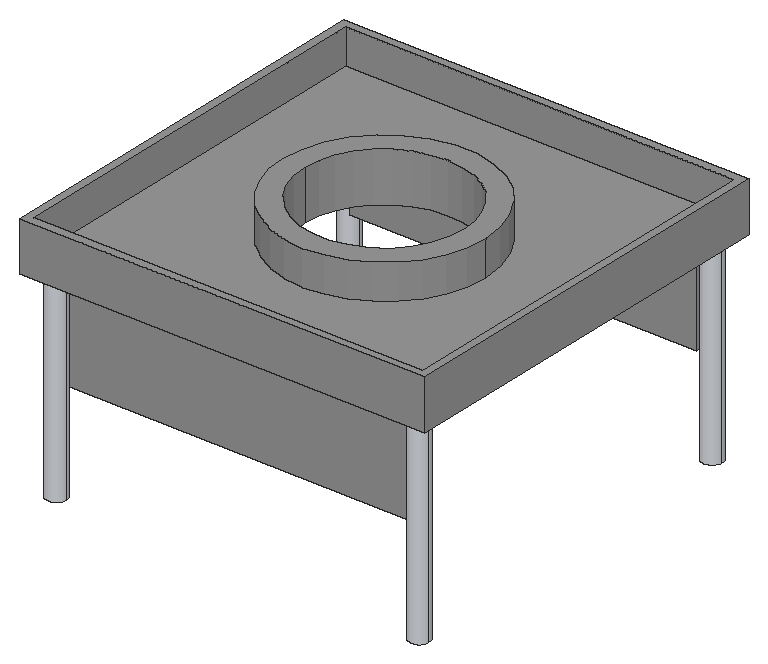
Revit family "Nivellierbare Schwerlastkassette für Tubus, RKFNSL, 21, 9", category Generic Models, Revit 2015
Parameters (values of type "RKFN2 9 VMSL1N21")
  Width = 243 mm
  URL = "http://www.obo-bettermann.com"
  Material = Stainless Steel, Polished
  Manufacturer Art.No. = "7409390"
  Manufacturer = "OBO Bettermann"
  Length = 243 mm
  HeightCalc = if(Height < 105 mm, 105 mm, (if(Height > 155 mm, 155 mm, Height)))  # 150 mm
  Height 1 = 30 mm
  Height = 150 mm
  GTIN = "4012195869221"
  Cut depth = 21 mm
  Article Type = "RKFN2 9 VMSL1N21"
Reference planes
  plane 1 "Center (Front/Back)": y = 0
  plane 2: z = 0
  plane 3 "Center (Left/Right)": x = 0
  plane 4: y = 121.5
  plane 5: y = -121.5
  plane 6: z = 150
  plane 7: z = 59
  plane 8: z = 129
  plane 9: z = 120
Forms (mm)
  Extrusion 1, solid
    sketch origin (0, 0, 0) x (1, 0, 0) y (0, 1, 0)
      loop
        circle (-109, -110) r 6
      loop
        circle (-109, 110) r 6
      loop
        circle (109, 110) r 6
      loop
        circle (109, -110) r 6
    from 0 to 120
  Extrusion 2, solid, material "Stainless Steel, Polished" <- "Material"
    sketch origin (0, 0, 0) x (1, 0, 0) y (0, 0, 1)
      loop
        line (-121.5, 150) -> (-121.5, 120) -> (121.5, 120) -> (121.5, 150) -> (-121.5, 150)
    from -121.5 to 121.5
  Extrusion 3, solid, material "Stainless Steel, Polished" <- "Material"
    sketch origin (0, 0, 0) x (1, 0, 0) y (0, 1, 0)
      loop
        line (-104.2, -104.3) -> (-104.2, -106.3) -> (104.2, -106.3) -> (104.2, -104.3) -> (-104.2, -104.3)
      loop
        line (-104.2, 106.3) -> (-104.2, 104.3) -> (104.2, 104.3) -> (104.2, 106.3) -> (-104.2, 106.3)
    from 59 to 120
  Extrusion 4, void
    sketch origin (0, 0, 0) x (1, 0, 0) y (0, 1, 0)
      loop
        line (-117.05, 117.05) -> (-117.05, -117.05) -> (117.05, -117.05) -> (117.05, 117.05) -> (-117.05, 117.05)
      loop
        circle (0, 0) r 61
    from 129 to 150
  Extrusion 5, void
    sketch origin (0, 0, 0) x (1, 0, 0) y (0, 1, 0)
      loop
        circle (0, 0) r 47.77
    from 120 to 150
Cuts and joins
  Extrusion 4 cuts Extrusion 1
  Extrusion 4, Extrusion 5 cuts Extrusion 2
  Extrusion 4 cuts Extrusion 3
Dimensions and locks
  "Width": Extrusion 2 sketch curve to Extrusion 2 sketch curve
  "HeightCalc": plane 6 to level
  locked: Extrusion 3 sketch curve to Extrusion 3 sketch curve at 208.4  (x2)
  locked: Extrusion 3 sketch curve to Extrusion 2 at 15.2
  locked: Extrusion 3 sketch curve to Extrusion 3 sketch curve at 2  (x2)
  "Cut depth": plane 6 to plane 8
  "Length": plane 4 to plane 5
  locked: plane 3 "Center (Left/Right)" to Extrusion 2 sketch curve at 121.5
  locked: plane 4 to plane 1 "Center (Front/Back)" at 121.5
  locked: Extrusion 1 sketch curve to plane 1 "Center (Front/Back)" at 110  (x2)
  locked: plane 3 "Center (Left/Right)" to Extrusion 1 sketch curve at 109  (x2)
  locked: Extrusion 1 sketch curve to plane 3 "Center (Left/Right)" at 109  (x2)
  locked: plane 1 "Center (Front/Back)" to Extrusion 1 sketch curve at 110  (x2)
  "Height 1": plane 6 to plane 9
  locked: Extrusion 3 sketch curve to plane 3 "Center (Left/Right)" at 104.2  (x2)
  locked: cut or joined group of Extrusion 2, Extrusion 4, Extrusion 5 to Extrusion 3 sketch curve at 15.2
  locked: plane 9 to plane 7 at 61
  locked: Extrusion 4 sketch curve to Extrusion 4 sketch curve at 234.1  (x2)
  equal spacing: Extrusion 4 sketch curve, plane 3 "Center (Left/Right)", Extrusion 4 sketch curve, locked at 117.05 each
  equal spacing: Extrusion 4 sketch curve, plane 1 "Center (Front/Back)", Extrusion 4 sketch curve, locked at 117.05 each
  diameter of Extrusion 1 sketch curve = 12 mm  (x4)
  diameter of Extrusion 5 sketch curve = 95.54 mm
  aligned and locked: level to plane 2
  aligned and locked: plane 5 to Extrusion 2
  aligned and locked: Extrusion 2 to plane 4
  aligned and locked: plane 6 to Extrusion 2
  aligned and locked: Extrusion 1 to Extrusion 3
  aligned and locked: Extrusion 3 to plane 7
  aligned and locked: cut or joined group of Extrusion 2, Extrusion 4, Extrusion 5 to Extrusion 4
  aligned and locked: Extrusion 4 to plane 8
  aligned and locked: Extrusion 2 to plane 9
  aligned and locked: Extrusion 1 to cut or joined group of Extrusion 2, Extrusion 4, Extrusion 5
  aligned and locked: Extrusion 2 to Extrusion 5  (x2)
Automatic sketch dimensions
  Extrusion 2 sketch curve to plane 6 = 0 mm
  plane 9 to Extrusion 2 sketch curve = 0 mm
  plane 1 "Center (Front/Back)" to Extrusion 4 sketch curve = 0 mm
  Extrusion 4 sketch curve to plane 3 "Center (Left/Right)" = 0 mm
  plane 1 "Center (Front/Back)" to Extrusion 5 sketch curve = 0 mm
  Extrusion 5 sketch curve to plane 3 "Center (Left/Right)" = 0 mm
  radius of Extrusion 4 sketch curve = 61 mm
